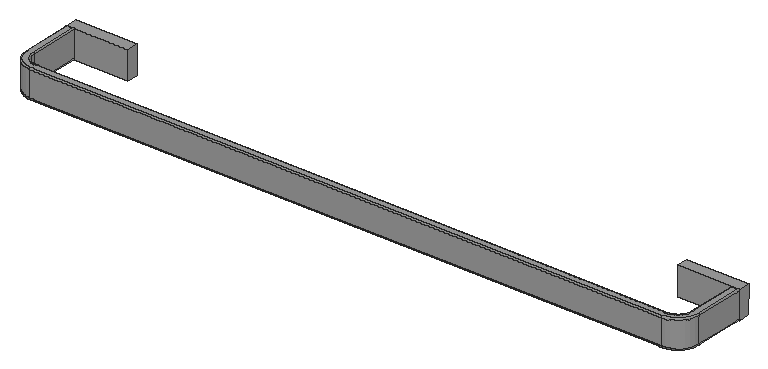
Revit family "TBA ATLAS 60 CR", category Plumbing Fixtures, Revit 2019
Family settings
  Round Connector Dimension = Use Diameter
  Part Type = Normal
  OmniClass Number = 23.45.00.00
  OmniClass Title = Sanitary, Laundry, and Cleaning Equipment
  Work Plane-Based = No
  Always vertical = Yes
  Cut with Voids When Loaded = No
  Shared = No
  Room Calculation Point = No
Reference planes
  plane 1 "Center (Front/Back)": y = 0
  plane 2: z = 0
  plane 3 "Center (Left/Right)": x = 0
Forms (mm)
  Extrusion 1, solid
    sketch origin (0, 0, 0) x (1, 0, 0) y (0, 0, 1)
      loop
        line (0, 0) -> (55, 0) -> (55, 25) -> (0, 25) -> (0, 0)
      loop
        line (600, 0) -> (600, 25) -> (545, 25) -> (545, 0) -> (600, 0)
    from 0 to 10
  Sweep 2, solid
    path origin (0, 0, 0) x (1, 0, 0) y (0, 1, 0)
      loop
        line (3.5, -10) -> (3.5, -55)
        arc (3.5, -55) -> (7.893, -65.607) -> (18.5, -70) r 15
        line (18.5, -70) -> (581.5, -70)
        arc (581.5, -70) -> (592.107, -65.607) -> (596.5, -55) r 15
        line (596.5, -55) -> (596.5, -10)
    profile origin (3.5, -10, 0) x (1, 0, 0) y (0, 0, 1)
      loop
        line (3.536, 12.522) -> (3.536, 24.022)
        arc (3.536, 24.022) -> (3.244, 24.729) -> (2.537, 25.022) r 1
        line (2.537, 25.022) -> (-2.458, 25.022)
        arc (-2.458, 25.022) -> (-3.195, 24.717) -> (-3.5, 23.98) r 1.042
        line (-3.5, 23.98) -> (-3.5, 1.02)
        arc (-3.5, 1.02) -> (-3.208, 0.314) -> (-2.502, 0.022) r 0.998
        line (-2.502, 0.022) -> (2.537, 0.022)
        arc (2.537, 0.022) -> (3.244, 0.315) -> (3.536, 1.022) r 1
        line (3.536, 1.022) -> (3.536, 12.522)
Dimensions and locks
  aligned and locked: level to plane 2
